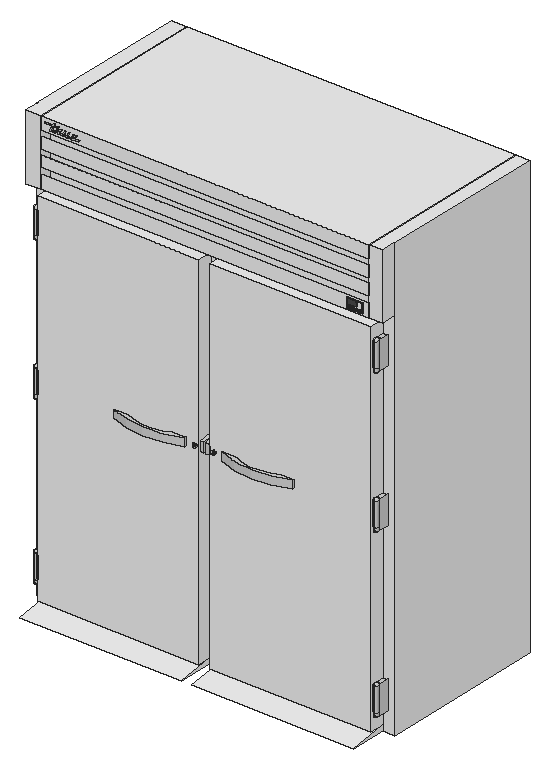
Revit family
Parameters
  Weight in Pounds = 0
  Watts = 4000 W
  Volts = 115 V
  URL Cutsheet = "www.truemfg.com"
  URL = "www.truemfg.com"
  Type Mark [instance] = ""
  Type Comments = ""
  Status [instance] = ""
  Specification by User [instance] = ""
  Specification by Manufacturer = ""
  Show Logo [instance] = yes
  Show Clearance [instance] = yes
  Serial Number = ""
  Seismic Rating = ""
  SMACNA No = ""
  Revision Code [instance] = ""
  Phase = 1
  Omniclass Number and Title = ""
  Number of Poles [instance] = 1
  NAFEM Spec ID Number = ""
  Model = "STG2HRI-2S"
  Min Ckt Ampacity = 0 A
  Max Overcurrent Protection = 0 A
  Masterspec = ""
  Manufacturer = "TRUE FOOD SERVICE EQUIPMENT, INC."
  Length = 68"
  Item Number [instance] = ""
  Installed By [instance] = ""
  Identify Quantity as Lot [instance] = yes
  Height = 83 3/4"
  HP = ""
  Furnished By [instance] = ""
  Foodservice Equipment Identifier [instance] = yes
  FL Amps = Watts / Volts  # 34.7826 A
  Electrical Remarks [instance] = ""
  Electric Connection Type [instance] = ""
  Elec Conn RI Height [instance] = 0"
  Elec Conn Connection Height [instance] = 0"
  Description = "Roll-in Solid Swing Door Heated Cabinet"
  Depth = 34 3/4"
  Cycle = 60 Hz
  Conn Plug = "14-20P"
  Conn Conduit = yes
  CSI MasterFormat = ""
  CSI Master Format = ""
  Apparent Power = if(Phase = 3, Volts * FL Amps * 1.73, Volts * FL Amps)  # 4000 VA
Reference planes (in)
  plane 1 "BACK": y = 0
  plane 2: z = 0
  plane 3 "LEFT": x = 0
  plane 4 "RIGHT": x = 68
  plane 5 "FRONT": y = -34.75
  plane 6 "TOP": z = 83.75
  plane 7: x = 2.84375
  plane 8: y = -34.7042
  plane 9: x = 34
  plane 10: z = 69.90625
Forms (in)
  Extrusion 1, solid, material "QF_Finishes_Chrome - Satin"
    sketch origin (0.05, 0, 0) x (1, 0, 0) y (0, 1, 0)
      loop
        line (-0.05, 0) -> (-0.05, -32) -> (2.87859, -32) -> (2.87859, 0) -> (-0.05, 0)
    from 0 to 83.75
  Extrusion 2, solid, material "QF_Finishes_Chrome - Satin"
    sketch origin (50.15, 0, 0) x (1, 0, 0) y (0, 1, 0)
      loop
        line (15.15, 0) -> (15.15, -32) -> (17.85, -32) -> (17.85, 0) -> (15.15, 0)
    from 0 to 83.75
  Extrusion 3, solid, material "QF_Finishes_Chrome - Satin"
    sketch origin (0, 0, 0) x (0, 1, 0) y (0, 0, 1)
      loop
        line (-34.7042, 71.28125) -> (-32, 71.28125) -> (-32, 0) -> (0, 0) -> (0, 83.75) -> (-34.7042, 83.75) -> (-34.7042, 81.40578) -> (-32.5, 79.83852) -> (-32.5, 78.71625) -> (-34.7042, 80.28351) -> (-34.7042, 78.1498) -> (-32.5, 76.58254) -> (-32.5, 75.62178) -> (-34.7042, 77.18904) -> (-34.7042, 75.09284) -> (-32.5, 73.52557) -> (-32.5, 72.25) -> (-34.7042, 73.81726) -> (-34.7042, 71.28125)
    from 2.92859 to 65.3
  Extrusion 4, solid, material "QF_Finishes_Chrome - Satin"
    sketch origin (0, 0, 0) x (1, 0, 0) y (0, 1, 0)
      loop
        line (67.84782, -32) -> (65.3, -32) -> (65.3, -34.75) -> (67.84782, -34.75) -> (67.84782, -32)
    from 71.28125 to 83.75
  Extrusion 5, solid, material "QF_Finishes_Chrome - Satin"
    sketch origin (-50.125, 0, 0.25) x (1, 0, 0) y (0, 1, 0)
      loop
        line (53.05359, -32) -> (50.24109, -32) -> (50.24109, -34.75) -> (53.05359, -34.75) -> (53.05359, -32)
    from 71.03125 to 83.5
  Extrusion 6, solid, material "QF_Finishes_Chrome - Satin"
    sketch origin (8.03125, -1, -0.71875) x (1, 0, 0) y (0, 0, 1)
      loop
        line (26.96875, 1.71875) -> (57.65625, 1.71875) -> (57.65625, 70.625) -> (26.96875, 70.625) -> (26.96875, 1.71875)
    from 31 to 33.75
  Extrusion 7, solid, material "QF_Finishes_Handrails and Railings"
    sketch origin (91.34375, -0.25, 26.43519) x (1, 0, 0) y (0, 1, 0)
      loop
        line (-53.875, -34.5) -> (-53.875, -34.7)
        arc (-53.875, -34.7) -> (-47.075, -36.14405) -> (-40.275, -34.7) r 16.7325
        line (-40.275, -34.7) -> (-40.275, -34.5) -> (-42.675, -34.5)
        arc (-42.675, -34.5) -> (-47.075, -35.65816) -> (-51.475, -34.5) r 8.93715
        line (-51.475, -34.5) -> (-53.875, -34.5)
    from 10.87731 to 12.37731
  Extrusion 8, solid, material "QF_Finishes_Handrails and Railings"
    sketch origin (9.34375, -1.08467, -2) x (1, 0, 0) y (0, 0, 1)
      loop
        circle (26.4375, 40.0625) r 0.35
      loop
        line (26.47265, 40.33635) -> (26.41715, 40.33635) -> (26.41715, 39.76895) -> (26.47265, 39.76895) -> (26.47265, 40.33635)
    from 33.5 to 33.83066
  Extrusion 9, solid, material "QF_Finishes_Handrails and Railings", visible <- "Show Logo"
    sketch origin (0.33478, 0.06376, 5.00294) x (1, 0, 0) y (0, 0, 1)
      loop
        line (3.46044, 78.08731) -> (3.35478, 77.86073) -> (4.76027, 77.86073)
        arc (4.76027, 77.86073) -> (4.78879, 77.81028) -> (4.76027, 77.75984) r 0.05887
        line (4.76027, 77.75984) -> (4.39369, 76.97372)
        arc (4.39369, 76.97372) -> (4.39051, 76.90091) -> (4.43975, 76.84717) r 0.09523
        line (4.43975, 76.84717) -> (5.33844, 76.84717)
        arc (5.33844, 76.84717) -> (5.45192, 76.88295) -> (5.52436, 76.97735) r 0.19785
        line (5.52436, 76.97735) -> (5.81285, 77.59601) -> (6.0779, 77.59601)
        arc (6.0779, 77.59601) -> (6.14744, 77.57043) -> (6.13737, 77.49703) r 0.05911
        line (6.13737, 77.49703) -> (5.89598, 76.97937)
        arc (5.89598, 76.97937) -> (5.89974, 76.8934) -> (5.97231, 76.84717) r 0.09318
        line (5.97231, 76.84717) -> (6.76198, 76.84717)
        arc (6.76198, 76.84717) -> (6.82249, 76.86919) -> (6.85468, 76.92495) r 0.09412
        arc (6.85468, 76.92495) -> (6.87746, 76.86995) -> (6.93246, 76.84717) r 0.07778
        line (6.93246, 76.84717) -> (7.43246, 76.84717)
        arc (7.43246, 76.84717) -> (7.49022, 76.86265) -> (7.53251, 76.90493) r 0.11552
        arc (7.53251, 76.90493) -> (7.55275, 76.85606) -> (7.60162, 76.83581) r 0.06912
        line (7.60162, 76.83581) -> (8.31225, 76.83581)
        arc (8.31225, 76.83581) -> (8.37034, 76.85988) -> (8.39441, 76.91797) r 0.08216
        arc (8.39441, 76.91797) -> (8.44767, 76.86472) -> (8.52042, 76.84522) r 0.14551
        line (8.52042, 76.84522) -> (9.85158, 76.84522) -> (9.99946, 77.10134) -> (8.65678, 77.10134)
        arc (8.65678, 77.10134) -> (8.61972, 77.12704) -> (8.61834, 77.17211) r 0.05009
        line (8.61834, 77.17211) -> (8.64157, 77.22192)
        arc (8.64157, 77.22192) -> (8.67723, 77.26864) -> (8.73327, 77.28635) r 0.09747
        line (8.73327, 77.28635) -> (9.16485, 77.28635)
        arc (9.16485, 77.28635) -> (9.258, 77.31131) -> (9.32619, 77.3795) r 0.1863
        line (9.32619, 77.3795) -> (9.45119, 77.59601)
        arc (9.45119, 77.59601) -> (9.45119, 77.71157) -> (9.35111, 77.76934) r 0.11556
        line (9.35111, 77.76934) -> (8.89562, 77.76934)
        arc (8.89562, 77.76934) -> (8.7795, 77.74962) -> (8.69849, 77.66412) r 0.18605
        line (8.69849, 77.66412) -> (8.48204, 77.19993)
        arc (8.48204, 77.19993) -> (8.41815, 77.11667) -> (8.31806, 77.08511) r 0.1745
        line (8.31806, 77.08511) -> (7.84559, 77.08511)
        arc (7.84559, 77.08511) -> (7.78903, 77.14684) -> (7.79268, 77.23048) r 0.10939
        line (7.79268, 77.23048) -> (8.04395, 77.76934) -> (7.88403, 77.76934) -> (7.61781, 77.19844)
        arc (7.61781, 77.19844) -> (7.56609, 77.13103) -> (7.48505, 77.10548) r 0.14128
        line (7.48505, 77.10548) -> (7.15925, 77.10548)
        arc (7.15925, 77.10548) -> (7.10419, 77.17723) -> (7.116, 77.26689) r 0.11816
        line (7.116, 77.26689) -> (7.3503, 77.76934) -> (7.18514, 77.76934) -> (6.91546, 77.191)
        arc (6.91546, 77.191) -> (6.85285, 77.12839) -> (6.76733, 77.10548) r 0.17104
        line (6.76733, 77.10548) -> (6.29555, 77.10548)
        arc (6.29555, 77.10548) -> (6.21082, 77.14499) -> (6.20267, 77.23813) r 0.0935
        line (6.20267, 77.23813) -> (6.35774, 77.57069) -> (6.57695, 77.57069)
        arc (6.57695, 77.57069) -> (6.61395, 77.68217) -> (6.69267, 77.76934) r 0.2857
        line (6.69267, 77.76934) -> (5.83605, 77.76934)
        arc (5.83605, 77.76934) -> (5.74086, 77.74824) -> (5.67498, 77.67635) r 0.16212
        line (5.67498, 77.67635) -> (5.44279, 77.17841)
        arc (5.44279, 77.17841) -> (5.3894, 77.12502) -> (5.31647, 77.10548) r 0.14586
        line (5.31647, 77.10548) -> (4.80506, 77.10548)
        arc (4.80506, 77.10548) -> (4.76514, 77.15942) -> (4.77274, 77.22609) r 0.09155
        line (4.77274, 77.22609) -> (5.11018, 77.86073) -> (5.96155, 77.86073) -> (6.06721, 78.08731) -> (5.21584, 78.08731) -> (5.32149, 78.31388) -> (5.01862, 78.31388) -> (4.91297, 78.08731) -> (3.46044, 78.08731)
      loop
        arc (8.83805, 77.56363) -> (8.80119, 77.55375) -> (8.7742, 77.52676) r 0.07373
        line (8.7742, 77.52676) -> (8.75229, 77.45936)
        arc (8.75229, 77.45936) -> (8.76245, 77.43483) -> (8.78699, 77.42466) r 0.0347
        line (8.78699, 77.42466) -> (9.15948, 77.42466)
        arc (9.15948, 77.42466) -> (9.18632, 77.43061) -> (9.20812, 77.44734) r 0.0635
        line (9.20812, 77.44734) -> (9.22624, 77.53122)
        arc (9.22624, 77.53122) -> (9.22091, 77.55368) -> (9.20009, 77.56363) r 0.02676
        line (9.20009, 77.56363) -> (8.83805, 77.56363)
    from 34.76797 to 34.83173
  Extrusion 10, solid, material "QF_Finishes_White"
    sketch origin (-22.74812, 0.0458, -7.95638) x (1, 0, 0) y (0, 0, 1)
      loop
        line (83.81732, 81.35727) -> (83.81732, 79.60996) -> (86.72357, 79.60996) -> (86.72357, 81.35727) -> (83.81732, 81.35727)
    from 34.75 to 34.76797
  Extrusion 11, solid, material "QF_Finishes_Black"
    sketch origin (-22.74812, 0.0458, -7.95638) x (1, 0, 0) y (0, 0, 1)
      loop
        line (86.78607, 81.41977) -> (83.75482, 81.41977) -> (83.75482, 79.54746) -> (86.78607, 79.54746) -> (86.78607, 81.41977)
      loop
        spline (83.95482, 79.87872) -> (83.96333, 79.86254) -> (83.98831, 79.84747) -> (84.02804, 79.83452) -> (84.07982, 79.82459) -> (84.14011, 79.81835) -> (84.20482, 79.81622) -> (84.26952, 79.81835) -> (84.32982, 79.82459) -> (84.38159, 79.83452) -> (84.42132, 79.84747) -> (84.4463, 79.86254) -> (84.45482, 79.87872)
        spline (84.45482, 79.87872) -> (84.4463, 79.89489) -> (84.42132, 79.90997) -> (84.38159, 79.92291) -> (84.32982, 79.93284) -> (84.26952, 79.93909) -> (84.20482, 79.94122) -> (84.14011, 79.93909) -> (84.07982, 79.93284) -> (84.02804, 79.92291) -> (83.98831, 79.90997) -> (83.96333, 79.89489) -> (83.95482, 79.87872)
      loop
        spline (84.65083, 79.87872) -> (84.65935, 79.86254) -> (84.68432, 79.84747) -> (84.72405, 79.83452) -> (84.77583, 79.82459) -> (84.83612, 79.81835) -> (84.90083, 79.81622) -> (84.96553, 79.81835) -> (85.02583, 79.82459) -> (85.07761, 79.83452) -> (85.11734, 79.84747) -> (85.14231, 79.86254) -> (85.15083, 79.87872)
        spline (85.15083, 79.87872) -> (85.14231, 79.89489) -> (85.11734, 79.90997) -> (85.07761, 79.92291) -> (85.02583, 79.93284) -> (84.96553, 79.93909) -> (84.90083, 79.94122) -> (84.83612, 79.93909) -> (84.77583, 79.93284) -> (84.72405, 79.92291) -> (84.68432, 79.90997) -> (84.65935, 79.89489) -> (84.65083, 79.87872)
      loop
        spline (85.40083, 79.87872) -> (85.40935, 79.86254) -> (85.43432, 79.84747) -> (85.47405, 79.83452) -> (85.52583, 79.82459) -> (85.58612, 79.81835) -> (85.65083, 79.81622) -> (85.71553, 79.81835) -> (85.77583, 79.82459) -> (85.82761, 79.83452) -> (85.86734, 79.84747) -> (85.89231, 79.86254) -> (85.90083, 79.87872)
        spline (85.90083, 79.87872) -> (85.89231, 79.89489) -> (85.86734, 79.90997) -> (85.82761, 79.92291) -> (85.77583, 79.93284) -> (85.71553, 79.93909) -> (85.65083, 79.94122) -> (85.58612, 79.93909) -> (85.52583, 79.93284) -> (85.47405, 79.92291) -> (85.43432, 79.90997) -> (85.40935, 79.89489) -> (85.40083, 79.87872)
      loop
        line (83.95481, 81.21978) -> (83.95481, 80.21978) -> (85.65433, 80.21978) -> (85.65433, 81.21978) -> (83.95481, 81.21978)
      loop
        line (86.72357, 81.35727) -> (83.81732, 81.35727) -> (83.81732, 79.60996) -> (86.72357, 79.60996) -> (86.72357, 81.35727)
      loop
        spline (86.15083, 79.87872) -> (86.15935, 79.86254) -> (86.18432, 79.84747) -> (86.22405, 79.83452) -> (86.27583, 79.82459) -> (86.33612, 79.81835) -> (86.40083, 79.81622) -> (86.46553, 79.81835) -> (86.52583, 79.82459) -> (86.57761, 79.83452) -> (86.61734, 79.84747) -> (86.64231, 79.86254) -> (86.65083, 79.87872)
        spline (86.65083, 79.87872) -> (86.64231, 79.89489) -> (86.61734, 79.90997) -> (86.57761, 79.92291) -> (86.52583, 79.93284) -> (86.46553, 79.93909) -> (86.40083, 79.94122) -> (86.33612, 79.93909) -> (86.27583, 79.93284) -> (86.22405, 79.92291) -> (86.18432, 79.90997) -> (86.15935, 79.89489) -> (86.15083, 79.87872)
    from 34.76797 to 34.80335
  Extrusion 12, solid
    sketch origin (-25.125, 0, 0) x (1, 0, 0) y (0, 0, 1)
      loop
        circle (89.875, 81.625) r 0.25
    from 0 to 0.0625
  Blend 13, solid, material "QF_Finishes_Handrails and Railings"
    base sketch origin (60.25, -1, 0) x (-1, 0, 0) y (0, 0, -1)
      loop
        line (25.25, -38.99169) -> (26, -38.99169) -> (26, -37.24169) -> (25.25, -37.24169) -> (25.25, -38.99169)
    top sketch origin (60.25, 0, 0) x (-1, 0, 0) y (0, 0, -1)
      loop
        line (26.18223, -36.6441) -> (25.25, -36.6441) -> (25.25, -39.42643) -> (26.18223, -39.42643) -> (26.18223, -36.6441)
    from 33.57883 to 32
  Extrusion 14, solid, material "QF_Finishes_Handrails and Railings"
    sketch origin (66.78125, 0, 3.5) x (0, 1, 0) y (0, 0, -1)
      loop
        line (-32, -64.17729) -> (-32, -58.86127) -> (-34.25, -58.86127) -> (-34.25, -59.57348) -> (-33.81497, -59.57348) -> (-33.81497, -63.97276)
        arc (-33.81497, -63.97276) -> (-33.75506, -64.11738) -> (-33.61044, -64.17729) r 0.20453
        line (-33.61044, -64.17729) -> (-32, -64.17729)
    from 0.17506 to 1
  Revolve 15, solid, material "QF_Finishes_Handrails and Railings"
    sketch origin (66.28125, 0, 3.5) x (0, 1, 0) y (0, 0, -1)
      loop
        line (-34.26563, -59.62689) -> (-34.67229, -59.62689) -> (-34.67229, -64.0986)
        arc (-34.67229, -64.0986) -> (-34.53722, -64.35057) -> (-34.26563, -64.43983) r 0.3848
        line (-34.26563, -64.43983) -> (-34.26563, -59.62689)
      loop
        line (-34.26563, -59.57348) -> (-34.26563, -58.67281)
        arc (-34.26563, -58.67281) -> (-34.53264, -58.75883) -> (-34.67229, -59.00212) r 0.38884
        line (-34.67229, -59.00212) -> (-34.67229, -59.57348) -> (-34.26563, -59.57348)
      axis (-34.26563, -58.67281) -> (-34.26563, -64.43983)
    angle from 0 to 360
  Extrusion 16, solid, material "QF_Finishes_Handrails and Railings"
    sketch origin (27.5, -1.07734, 3.5011) x (-1, 0, 0) y (0, 0, -1)
      loop
        line (-38.58509, -64.0986) -> (-38.1875, -64.0986) -> (-38.1875, -59.62579) -> (-38.58509, -59.62579) -> (-38.58509, -64.0986)
    from 32.81497 to 33.59495
  Extrusion 17, solid, material "QF_Finishes_Handrails and Railings"
    sketch origin (66.78125, 0, -24) x (0, 1, 0) y (0, 0, -1)
      loop
        line (-32, -64.55229) -> (-32, -59.23627) -> (-34.25, -59.23627) -> (-34.25, -59.94848) -> (-33.81497, -59.94848) -> (-33.81497, -64.34776)
        arc (-33.81497, -64.34776) -> (-33.75506, -64.49238) -> (-33.61044, -64.55229) r 0.20453
        line (-33.61044, -64.55229) -> (-32, -64.55229)
    from 0.17506 to 1
  Revolve 18, solid, material "QF_Finishes_Handrails and Railings"
    sketch origin (66.28125, 0, -24) x (0, 1, 0) y (0, 0, -1)
      loop
        line (-34.26563, -60.00189) -> (-34.67229, -60.00189) -> (-34.67229, -64.4736)
        arc (-34.67229, -64.4736) -> (-34.53722, -64.72557) -> (-34.26563, -64.81483) r 0.3848
        line (-34.26563, -64.81483) -> (-34.26563, -60.00189)
      loop
        line (-34.26563, -59.94848) -> (-34.26563, -59.04781)
        arc (-34.26563, -59.04781) -> (-34.53264, -59.13383) -> (-34.67229, -59.37712) r 0.38884
        line (-34.67229, -59.37712) -> (-34.67229, -59.94848) -> (-34.26563, -59.94848)
      axis (-34.26563, -59.04781) -> (-34.26563, -64.81483)
    angle from 0 to 360
  Extrusion 19, solid, material "QF_Finishes_Handrails and Railings"
    sketch origin (27.5, -1.07734, -23.9989) x (-1, 0, 0) y (0, 0, -1)
      loop
        line (-38.58509, -64.4736) -> (-38.1875, -64.4736) -> (-38.1875, -60.00079) -> (-38.58509, -60.00079) -> (-38.58509, -64.4736)
    from 32.81497 to 33.59495
  Extrusion 20, solid, material "QF_Finishes_Handrails and Railings"
    sketch origin (66.78125, 0, -55.5) x (0, 1, 0) y (0, 0, -1)
      loop
        line (-32, -64.55229) -> (-32, -59.23627) -> (-34.25, -59.23627) -> (-34.25, -59.94848) -> (-33.81497, -59.94848) -> (-33.81497, -64.34776)
        arc (-33.81497, -64.34776) -> (-33.75506, -64.49238) -> (-33.61044, -64.55229) r 0.20453
        line (-33.61044, -64.55229) -> (-32, -64.55229)
    from 0.17506 to 1
  Revolve 21, solid, material "QF_Finishes_Handrails and Railings"
    sketch origin (66.28125, 0, -55.5) x (0, 1, 0) y (0, 0, -1)
      loop
        line (-34.26563, -60.00189) -> (-34.67229, -60.00189) -> (-34.67229, -64.4736)
        arc (-34.67229, -64.4736) -> (-34.53722, -64.72557) -> (-34.26563, -64.81483) r 0.3848
        line (-34.26563, -64.81483) -> (-34.26563, -60.00189)
      loop
        line (-34.26563, -59.94848) -> (-34.26563, -59.04781)
        arc (-34.26563, -59.04781) -> (-34.53264, -59.13383) -> (-34.67229, -59.37712) r 0.38884
        line (-34.67229, -59.37712) -> (-34.67229, -59.94848) -> (-34.26563, -59.94848)
      axis (-34.26563, -59.04781) -> (-34.26563, -64.81483)
    angle from 0 to 360
  Extrusion 22, solid, material "QF_Finishes_Handrails and Railings"
    sketch origin (27.5, -1.07734, -55.4989) x (-1, 0, 0) y (0, 0, -1)
      loop
        line (-38.58509, -64.4736) -> (-38.1875, -64.4736) -> (-38.1875, -60.00079) -> (-38.58509, -60.00079) -> (-38.58509, -64.4736)
    from 32.81497 to 33.59495
  Extrusion 23, solid, material "QF_Finishes_Chrome - Satin"
    sketch origin (65.6875, -1, 8.03125) x (0, 0, 1) y (0, -1, 0)
      loop
        line (-8.03125, 37.875) -> (-8.03125, 31) -> (-7.03125, 31) -> (-8.03125, 37.875)
    from 0 to -30.6875
  Extrusion 24, solid, material "QF_Finishes_Chrome - Satin"
    sketch origin (59.96875, -1, -0.71875) x (-1, 0, 0) y (0, 0, -1)
      loop
        line (26.96875, -1.71875) -> (26.96875, -70.625) -> (57.65625, -70.625) -> (57.65625, -1.71875) -> (26.96875, -1.71875)
    from 31 to 33.75
  Extrusion 25, solid, material "QF_Finishes_Handrails and Railings"
    sketch origin (-23.34375, -0.25, 26.43519) x (1, 0, 0) y (0, 1, 0)
      loop
        line (53.875, -34.5) -> (51.475, -34.5)
        arc (51.475, -34.5) -> (47.075, -35.65816) -> (42.675, -34.5) r 8.93715
        line (42.675, -34.5) -> (40.275, -34.5) -> (40.275, -34.7)
        arc (40.275, -34.7) -> (47.075, -36.14405) -> (53.875, -34.7) r 16.7325
        line (53.875, -34.7) -> (53.875, -34.5)
    from 10.87731 to 12.37731
  Extrusion 26, solid, material "QF_Finishes_Handrails and Railings"
    sketch origin (58.65625, -1.08467, -2) x (-1, 0, 0) y (0, 0, -1)
      loop
        circle (26.4375, -40.0625) r 0.35
      loop
        line (26.47265, -40.33635) -> (26.47265, -39.76895) -> (26.41715, -39.76895) -> (26.41715, -40.33635) -> (26.47265, -40.33635)
    from 33.5 to 33.83066
  Blend 27, solid, material "QF_Finishes_Handrails and Railings"
    base sketch origin (7.75, -1, 0) x (1, 0, 0) y (0, 0, 1)
      loop
        line (25.25, 38.99169) -> (25.25, 37.24169) -> (26, 37.24169) -> (26, 38.99169) -> (25.25, 38.99169)
    top sketch origin (7.75, 0, 0) x (1, 0, 0) y (0, 0, 1)
      loop
        line (26.18223, 36.6441) -> (26.18223, 39.42643) -> (25.25, 39.42643) -> (25.25, 36.6441) -> (26.18223, 36.6441)
    from 33.57883 to 32
  Extrusion 28, solid, material "QF_Finishes_Handrails and Railings"
    sketch origin (1.21875, 0, 3.5) x (0, 1, 0) y (0, 0, 1)
      loop
        line (-32, 64.17729) -> (-33.61044, 64.17729)
        arc (-33.61044, 64.17729) -> (-33.75506, 64.11738) -> (-33.81497, 63.97276) r 0.20453
        line (-33.81497, 63.97276) -> (-33.81497, 59.57348) -> (-34.25, 59.57348) -> (-34.25, 58.86127) -> (-32, 58.86127) -> (-32, 64.17729)
    from 0.17506 to 1
  Revolve 29, solid, material "QF_Finishes_Handrails and Railings"
    sketch origin (1.71875, 0, 3.5) x (0, 1, 0) y (0, 0, 1)
      loop
        line (-34.26563, 59.62689) -> (-34.26563, 64.43983)
        arc (-34.26563, 64.43983) -> (-34.53722, 64.35057) -> (-34.67229, 64.0986) r 0.3848
        line (-34.67229, 64.0986) -> (-34.67229, 59.62689) -> (-34.26563, 59.62689)
      loop
        line (-34.26563, 59.57348) -> (-34.67229, 59.57348) -> (-34.67229, 59.00212)
        arc (-34.67229, 59.00212) -> (-34.53264, 58.75883) -> (-34.26563, 58.67281) r 0.38884
        line (-34.26563, 58.67281) -> (-34.26563, 59.57348)
      axis (-34.26563, 58.67281) -> (-34.26563, 64.43983)
    angle from 0 to 360
  Extrusion 30, solid, material "QF_Finishes_Handrails and Railings"
    sketch origin (40.5, -1.07734, 3.5011) x (1, 0, 0) y (0, 0, 1)
      loop
        line (-38.58509, 64.0986) -> (-38.58509, 59.62579) -> (-38.1875, 59.62579) -> (-38.1875, 64.0986) -> (-38.58509, 64.0986)
    from 32.81497 to 33.59495
  Extrusion 31, solid, material "QF_Finishes_Handrails and Railings"
    sketch origin (1.21875, 0, -24) x (0, 1, 0) y (0, 0, 1)
      loop
        line (-32, 64.55229) -> (-33.61044, 64.55229)
        arc (-33.61044, 64.55229) -> (-33.75506, 64.49238) -> (-33.81497, 64.34776) r 0.20453
        line (-33.81497, 64.34776) -> (-33.81497, 59.94848) -> (-34.25, 59.94848) -> (-34.25, 59.23627) -> (-32, 59.23627) -> (-32, 64.55229)
    from 0.17506 to 1
  Revolve 32, solid, material "QF_Finishes_Handrails and Railings"
    sketch origin (1.71875, 0, -24) x (0, 1, 0) y (0, 0, 1)
      loop
        line (-34.26563, 60.00189) -> (-34.26563, 64.81483)
        arc (-34.26563, 64.81483) -> (-34.53722, 64.72557) -> (-34.67229, 64.4736) r 0.3848
        line (-34.67229, 64.4736) -> (-34.67229, 60.00189) -> (-34.26563, 60.00189)
      loop
        line (-34.26563, 59.94848) -> (-34.67229, 59.94848) -> (-34.67229, 59.37712)
        arc (-34.67229, 59.37712) -> (-34.53264, 59.13383) -> (-34.26563, 59.04781) r 0.38884
        line (-34.26563, 59.04781) -> (-34.26563, 59.94848)
      axis (-34.26563, 59.04781) -> (-34.26563, 64.81483)
    angle from 0 to 360
  Extrusion 33, solid, material "QF_Finishes_Handrails and Railings"
    sketch origin (40.5, -1.07734, -23.9989) x (1, 0, 0) y (0, 0, 1)
      loop
        line (-38.58509, 64.4736) -> (-38.58509, 60.00079) -> (-38.1875, 60.00079) -> (-38.1875, 64.4736) -> (-38.58509, 64.4736)
    from 32.81497 to 33.59495
  Extrusion 34, solid, material "QF_Finishes_Handrails and Railings"
    sketch origin (1.21875, 0, -55.5) x (0, 1, 0) y (0, 0, 1)
      loop
        line (-32, 64.55229) -> (-33.61044, 64.55229)
        arc (-33.61044, 64.55229) -> (-33.75506, 64.49238) -> (-33.81497, 64.34776) r 0.20453
        line (-33.81497, 64.34776) -> (-33.81497, 59.94848) -> (-34.25, 59.94848) -> (-34.25, 59.23627) -> (-32, 59.23627) -> (-32, 64.55229)
    from 0.17506 to 1
  Revolve 35, solid, material "QF_Finishes_Handrails and Railings"
    sketch origin (1.71875, 0, -55.5) x (0, 1, 0) y (0, 0, 1)
      loop
        line (-34.26563, 60.00189) -> (-34.26563, 64.81483)
        arc (-34.26563, 64.81483) -> (-34.53722, 64.72557) -> (-34.67229, 64.4736) r 0.3848
        line (-34.67229, 64.4736) -> (-34.67229, 60.00189) -> (-34.26563, 60.00189)
      loop
        line (-34.26563, 59.94848) -> (-34.67229, 59.94848) -> (-34.67229, 59.37712)
        arc (-34.67229, 59.37712) -> (-34.53264, 59.13383) -> (-34.26563, 59.04781) r 0.38884
        line (-34.26563, 59.04781) -> (-34.26563, 59.94848)
      axis (-34.26563, 59.04781) -> (-34.26563, 64.81483)
    angle from 0 to 360
  Extrusion 36, solid, material "QF_Finishes_Handrails and Railings"
    sketch origin (40.5, -1.07734, -55.4989) x (1, 0, 0) y (0, 0, 1)
      loop
        line (-38.58509, 64.4736) -> (-38.58509, 60.00079) -> (-38.1875, 60.00079) -> (-38.1875, 64.4736) -> (-38.58509, 64.4736)
    from 32.81497 to 33.59495
  Extrusion 37, solid, material "QF_Finishes_Chrome - Satin"
    sketch origin (2.3125, -1, 8.03125) x (0, 0, 1) y (0, 1, 0)
      loop
        line (-8.03125, -37.875) -> (-7.03125, -31) -> (-8.03125, -31) -> (-8.03125, -37.875)
    from 0 to -30.6875
  Extrusion 38, solid, material "QF_Finishes_Door Clearance", visible <- "Show Clearance", detail levels coarse
    sketch origin (32.71875, -1, 1) x (0, 1, 0) y (1, 0, 0)
      loop
        line (-33.75, -30.40625) -> (-33.75, 0.28125)
        arc (-33.75, 0.28125) -> (-55.44934, -8.70691) -> (-64.4375, -30.40625) r 30.6875
        line (-64.4375, -30.40625) -> (-33.75, -30.40625)
      loop
        line (-33.75, 32.96875) -> (-64.4375, 32.96875)
        arc (-64.4375, 32.96875) -> (-55.44934, 11.26941) -> (-33.75, 2.28125) r 30.6875
        line (-33.75, 2.28125) -> (-33.75, 32.96875)
    from 0 to -68.90625
Cuts and joins
  joined: Extrusion 1, Extrusion 2, Extrusion 4, Extrusion 5
Lines and regions (in)
  symbolic lines
    curve 1: line (0, 0, 0) -> (68, 0, 0)
    curve 2: line (0, -34.75, 0) -> (0, 0, 0)
    curve 3: line (68, -34.75, 0) -> (0, -34.75, 0)
    curve 4: line (68, 0, 0) -> (68, -34.75, 0)
    curve 5: line (68, -32.5, 0) -> (0, -32.5, 0)
    curve 6: arc (28.13125, -34.75, 0) -> (23.73125, -35.90816, 0) -> (19.33125, -34.75, 0) r 8.93715
    curve 7: arc (16.93125, -34.95, 0) -> (23.73125, -36.39405, 0) -> (30.53125, -34.95, 0) r 16.7325
    curve 8: line (16.93125, -34.75, 0) -> (16.93125, -34.95, 0)
    curve 9: line (30.53125, -34.95, 0) -> (30.53125, -34.75, 0)
    curve 10: arc (48.66875, -34.75, 0) -> (44.26875, -35.90816, 0) -> (39.86875, -34.75, 0) r 8.93715
    curve 11: arc (37.46875, -34.95, 0) -> (44.26875, -36.39405, 0) -> (51.06875, -34.95, 0) r 16.7325
    curve 12: line (37.46875, -34.75, 0) -> (37.46875, -34.95, 0)
    curve 13: line (51.06875, -34.95, 0) -> (51.06875, -34.75, 0)
  symbolic lines, style "QF_Door Swings", visible <- "Show Clearance", detail levels coarse
    curve 14: line (2.3125, -34.75, 0) -> (2.3125, -65.4375, 0)
    curve 15: arc (33, -34.75, 0) -> (24.01184, -56.44934, 0) -> (2.3125, -65.4375, 0) r 30.6875
    curve 16: arc (65.6875, -65.4375, 0) -> (43.98816, -56.44934, 0) -> (35, -34.75, 0) r 30.6875
    curve 17: line (65.6875, -65.4375, 0) -> (65.6875, -34.75, 0)
Dimensions and locks (in)
  "Depth": plane 5 "FRONT" to plane 1 "BACK"
  plane 6 "TOP" to level = 83 3/4"  (x2)
  Extrusion 6 sketch curve to Extrusion 6 sketch curve = 30 11/16"
  Extrusion 6 to plane 1 "BACK" = 34 3/4"
  "Length": plane 3 "LEFT" to plane 4 "RIGHT"
  plane 4 "RIGHT" to plane 3 "LEFT" = 68"
  equal spacing: plane 3 "LEFT", plane 9, plane 4 "RIGHT"
  Extrusion 24 sketch curve to Extrusion 24 sketch curve = 30 11/16"
  plane 10 to level = 69 29/32"
  aligned and locked: level to plane 2
Automatic sketch dimensions
  plane 1 "BACK" to curve 1 = 0"
  curve 1 to plane 3 "LEFT" = 0"
  plane 5 "FRONT" to curve 8 = 0"
  curve 4 to plane 4 "RIGHT" = 0"
  plane 5 "FRONT" to curve 7 = 0.2"
  plane 7 to curve 7 = 14.0875"
  curve 8 to curve 6 = 2.4"
  curve 6 to curve 6 = 4.4"
  curve 7 to curve 6 = 0"
  plane 5 "FRONT" to curve 9 = 0.2"
  plane 5 "FRONT" to curve 12 = 0.2"
  curve 12 to plane 9 = 3 15/32"
  curve 12 to curve 10 = 2.4"
  curve 10 to curve 10 = 4.4"
  curve 11 to curve 10 = 0"
  plane 5 "FRONT" to curve 11 = 0.2"
  curve 5 to plane 5 "FRONT" = 2 1/4"
  curve 10 to plane 5 "FRONT" = 7.77899"
  curve 6 to plane 5 "FRONT" = 7.77899"
  curve 10 to curve 11 = 7.30945"
  curve 6 to curve 7 = 7.30945"
  Extrusion 1 sketch curve to plane 3 "LEFT" = 0"
  plane 1 "BACK" to Extrusion 1 sketch curve = 0"
  plane 7 to Extrusion 1 sketch curve = 0.08484"
  Extrusion 1 sketch curve to plane 5 "FRONT" = 2 3/4"
  plane 1 "BACK" to Extrusion 2 sketch curve = 0"
  Extrusion 2 sketch curve to plane 4 "RIGHT" = 0"
  Extrusion 2 sketch curve to plane 4 "RIGHT" = 2.7"
  Extrusion 2 sketch curve to plane 5 "FRONT" = 2 3/4"
  Extrusion 3 sketch curve to plane 8 = 0"  (x4)
  Extrusion 3 sketch curve to level = 0"
  Extrusion 3 sketch curve to plane 6 "TOP" = 0"
  plane 8 to Extrusion 3 sketch curve = 2.2042"  (x2)
  Extrusion 3 sketch curve to Extrusion 3 sketch curve = 0"
  Extrusion 3 sketch curve to Extrusion 3 sketch curve = 1/2"
  plane 1 "BACK" to Extrusion 3 sketch curve = 0"
  Extrusion 3 sketch curve to plane 6 "TOP" = 12 15/32"
  Extrusion 3 sketch curve to Extrusion 3 sketch curve = 31/32"
  Extrusion 3 sketch curve to Extrusion 3 sketch curve = 1.27557"  (x2)
  Extrusion 3 sketch curve to Extrusion 3 sketch curve = 0.29169"
  Extrusion 3 sketch curve to Extrusion 3 sketch curve = 2.0962"  (x2)
  Extrusion 3 sketch curve to Extrusion 3 sketch curve = 0.96076"  (x2)
  Extrusion 3 sketch curve to Extrusion 3 sketch curve = 2.13371"  (x2)
  Extrusion 3 sketch curve to Extrusion 3 sketch curve = 1.12227"  (x2)
  plane 5 "FRONT" to Extrusion 4 sketch curve = 0"
  Extrusion 4 sketch curve to plane 4 "RIGHT" = 2.7"
  Extrusion 4 sketch curve to plane 4 "RIGHT" = 0.15218"
  Extrusion 4 sketch curve to plane 5 "FRONT" = 2 3/4"
  plane 5 "FRONT" to Extrusion 5 sketch curve = 0"
  plane 3 "LEFT" to Extrusion 5 sketch curve = 0.11609"
  plane 7 to Extrusion 5 sketch curve = 0.08484"
  Extrusion 5 sketch curve to plane 5 "FRONT" = 2 3/4"
  Extrusion 6 sketch curve to plane 9 = 1"
  level to Extrusion 6 sketch curve = 1"
  Extrusion 6 sketch curve to plane 6 "TOP" = 13 27/32"
  plane 5 "FRONT" to Extrusion 7 sketch curve = 0"  (x2)
  Extrusion 7 sketch curve to plane 9 = 3 15/32"
  Extrusion 7 sketch curve to Extrusion 7 sketch curve = 2.4"  (x2)
  Extrusion 7 sketch curve to Extrusion 7 sketch curve = 4.4"
  Extrusion 7 sketch curve to Extrusion 7 sketch curve = 0"
  Extrusion 7 sketch curve to Extrusion 7 sketch curve = 0.2"
  Extrusion 7 sketch curve to plane 5 "FRONT" = 7.77899"
  Extrusion 7 sketch curve to Extrusion 7 sketch curve = 7.30945"
  Extrusion 8 sketch curve to plane 9 = 1.7609"
  Extrusion 8 sketch curve to Extrusion 8 sketch curve = 0.02035"
  Extrusion 8 sketch curve to Extrusion 8 sketch curve = 0.0555"
  level to Extrusion 8 sketch curve = 37.76895"
  Extrusion 8 sketch curve to Extrusion 8 sketch curve = 0.29355"
  Extrusion 8 sketch curve to Extrusion 8 sketch curve = 0.27385"
  plane 7 to Extrusion 9 sketch curve = 0.84582"
  Extrusion 9 sketch curve to Extrusion 9 sketch curve = 0.10565"  (x5)
  Extrusion 9 sketch curve to Extrusion 9 sketch curve = 1.03891"
  Extrusion 9 sketch curve to Extrusion 9 sketch curve = 0.04606"
  Extrusion 9 sketch curve to Extrusion 9 sketch curve = 0.08631"
  Extrusion 9 sketch curve to Extrusion 9 sketch curve = 0.33624"
  Extrusion 9 sketch curve to Extrusion 9 sketch curve = 0.03034"  (x2)
  Extrusion 9 sketch curve to Extrusion 9 sketch curve = 0.29274"
  Extrusion 9 sketch curve to Extrusion 9 sketch curve = 0.03232"
  Extrusion 9 sketch curve to Extrusion 9 sketch curve = 0.04851"
  Extrusion 9 sketch curve to plane 6 "TOP" = 0.65975"
  Extrusion 9 sketch curve to Extrusion 9 sketch curve = 0.1527"
  Extrusion 9 sketch curve to plane 6 "TOP" = 0.43317"
  Extrusion 9 sketch curve to Extrusion 9 sketch curve = 0.19721"
  Extrusion 9 sketch curve to Extrusion 9 sketch curve = 0.4629"
  Extrusion 9 sketch curve to Extrusion 9 sketch curve = 0.02197"
  Extrusion 9 sketch curve to Extrusion 9 sketch curve = 0.12632"
  Extrusion 9 sketch curve to Extrusion 9 sketch curve = 0.18591"
  Extrusion 9 sketch curve to plane 6 "TOP" = 1.0707"
  Extrusion 9 sketch curve to Extrusion 9 sketch curve = 0.2322"
  Extrusion 9 sketch curve to Extrusion 9 sketch curve = 0.13786"
  Extrusion 9 sketch curve to Extrusion 9 sketch curve = 0.00907"
  Extrusion 9 sketch curve to Extrusion 9 sketch curve = 0.01413"
  Extrusion 9 sketch curve to Extrusion 9 sketch curve = 0.37162"
  Extrusion 9 sketch curve to plane 6 "TOP" = 0.88633"
  Extrusion 9 sketch curve to Extrusion 9 sketch curve = 0.12551"
  Extrusion 9 sketch curve to Extrusion 9 sketch curve = 0.07633"
  Extrusion 9 sketch curve to Extrusion 9 sketch curve = 0.08445"
  Extrusion 9 sketch curve to Extrusion 9 sketch curve = 0.25598"
  Extrusion 9 sketch curve to Extrusion 9 sketch curve = 0.01887"
  Extrusion 9 sketch curve to Extrusion 9 sketch curve = 0.04061"
  Extrusion 9 sketch curve to plane 6 "TOP" = 1.50892"
  Extrusion 9 sketch curve to Extrusion 9 sketch curve = 0.0653"
  Extrusion 9 sketch curve to Extrusion 9 sketch curve = 0.08474"
  Extrusion 9 sketch curve to Extrusion 9 sketch curve = 0.00815"
  Extrusion 9 sketch curve to Extrusion 9 sketch curve = 0.22037"
  Extrusion 9 sketch curve to Extrusion 9 sketch curve = 0.21921"
  Extrusion 9 sketch curve to Extrusion 9 sketch curve = 0.11572"
  Extrusion 9 sketch curve to Extrusion 9 sketch curve = 0.46643"
  Extrusion 9 sketch curve to Extrusion 9 sketch curve = 0.00535"
  Extrusion 9 sketch curve to Extrusion 9 sketch curve = 0.09269"
  Extrusion 9 sketch curve to Extrusion 9 sketch curve = 0.09348"
  Extrusion 9 sketch curve to Extrusion 9 sketch curve = 0.14812"
  Extrusion 9 sketch curve to Extrusion 9 sketch curve = 0.07778"
  Extrusion 9 sketch curve to Extrusion 9 sketch curve = 0.20054"
  Extrusion 9 sketch curve to Extrusion 9 sketch curve = 0.04325"
  Extrusion 9 sketch curve to plane 6 "TOP" = 0.97771"  (x2)
  Extrusion 9 sketch curve to Extrusion 9 sketch curve = 0.32433"
  Extrusion 9 sketch curve to Extrusion 9 sketch curve = 0.10233"  (x2)
  Extrusion 9 sketch curve to Extrusion 9 sketch curve = 0.16515"
  Extrusion 9 sketch curve to Extrusion 9 sketch curve = 0.27321"
  Extrusion 9 sketch curve to Extrusion 9 sketch curve = 0.0526"
  Extrusion 9 sketch curve to Extrusion 9 sketch curve = 0.10005"
  Extrusion 9 sketch curve to Extrusion 9 sketch curve = 0.06912"
  Extrusion 9 sketch curve to Extrusion 9 sketch curve = 0.13276"
  Extrusion 9 sketch curve to plane 6 "TOP" = 1.51658"
  Extrusion 9 sketch curve to Extrusion 9 sketch curve = 0.17486"
  Extrusion 9 sketch curve to Extrusion 9 sketch curve = 0.05291"
  Extrusion 9 sketch curve to Extrusion 9 sketch curve = 0.53374"
  Extrusion 9 sketch curve to Extrusion 9 sketch curve = 0.09914"
  Extrusion 9 sketch curve to Extrusion 9 sketch curve = 0.15992"
  Extrusion 9 sketch curve to Extrusion 9 sketch curve = 0.46666"
  Extrusion 9 sketch curve to Extrusion 9 sketch curve = 0.00582"
  Extrusion 9 sketch curve to Extrusion 9 sketch curve = 0.08216"
  Extrusion 9 sketch curve to Extrusion 9 sketch curve = 0.16397"
  Extrusion 9 sketch curve to Extrusion 9 sketch curve = 0.12601"
  Extrusion 9 sketch curve to plane 6 "TOP" = 1.57494"
  Extrusion 9 sketch curve to Extrusion 9 sketch curve = 0.1363"
  Extrusion 9 sketch curve to plane 6 "TOP" = 1.52514"
  Extrusion 9 sketch curve to Extrusion 9 sketch curve = 0.02323"
  Extrusion 9 sketch curve to Extrusion 9 sketch curve = 0.03844"
  Extrusion 9 sketch curve to Extrusion 9 sketch curve = 0.0454"
  Extrusion 9 sketch curve to Extrusion 9 sketch curve = 0.05693"
  Extrusion 9 sketch curve to Extrusion 9 sketch curve = 0.0917"
  Extrusion 9 sketch curve to Extrusion 9 sketch curve = 0.01902"
  Extrusion 9 sketch curve to Extrusion 9 sketch curve = 0.02191"
  Extrusion 9 sketch curve to Extrusion 9 sketch curve = 0.0347"
  Extrusion 9 sketch curve to Extrusion 9 sketch curve = 0.06385"
  Extrusion 9 sketch curve to Extrusion 9 sketch curve = 0.02906"
  Extrusion 9 sketch curve to Extrusion 9 sketch curve = 0.02851"
  Extrusion 9 sketch curve to Extrusion 9 sketch curve = 0.29237"
  Extrusion 9 sketch curve to Extrusion 9 sketch curve = 0.00537"
  Extrusion 9 sketch curve to Extrusion 9 sketch curve = 0.0406"
  Extrusion 9 sketch curve to plane 6 "TOP" = 1.29971"
  Extrusion 9 sketch curve to Extrusion 9 sketch curve = 0.04327"
  Extrusion 9 sketch curve to Extrusion 9 sketch curve = 0.02615"
  Extrusion 9 sketch curve to plane 6 "TOP" = 1.36755"
  Extrusion 9 sketch curve to Extrusion 9 sketch curve = 0.11806"
  Extrusion 9 sketch curve to Extrusion 9 sketch curve = 0.15103"
  Extrusion 9 sketch curve to Extrusion 9 sketch curve = 0.10007"
  Extrusion 9 sketch curve to Extrusion 9 sketch curve = 0.5254"
  Extrusion 9 sketch curve to plane 6 "TOP" = 1.64572"
  Extrusion 9 sketch curve to Extrusion 9 sketch curve = 0.14787"
  Extrusion 9 sketch curve to Extrusion 9 sketch curve = 0.14537"
  Extrusion 9 sketch curve to Extrusion 9 sketch curve = 0.63134"
  Extrusion 9 sketch curve to Extrusion 9 sketch curve = 0.11061"
  Extrusion 9 sketch curve to Extrusion 9 sketch curve = 0.25876"
  Extrusion 9 sketch curve to Extrusion 9 sketch curve = 0.06767"
  Extrusion 9 sketch curve to Extrusion 9 sketch curve = 0.12655"
  Extrusion 9 sketch curve to Extrusion 9 sketch curve = 0.12242"
  Extrusion 9 sketch curve to Extrusion 9 sketch curve = 0.29684"
  Extrusion 9 sketch curve to Extrusion 9 sketch curve = 0.03938"
  Extrusion 9 sketch curve to Extrusion 9 sketch curve = 0.06046"
  Extrusion 9 sketch curve to Extrusion 9 sketch curve = 0.13266"
  Extrusion 9 sketch curve to Extrusion 9 sketch curve = 0.14279"
  Extrusion 9 sketch curve to Extrusion 9 sketch curve = 0.07293"
  Extrusion 9 sketch curve to Extrusion 9 sketch curve = 0.07764"
  Extrusion 9 sketch curve to Extrusion 9 sketch curve = 0.03794"
  Extrusion 9 sketch curve to Extrusion 9 sketch curve = 0.08552"
  Extrusion 9 sketch curve to Extrusion 9 sketch curve = 0.09296"
  Extrusion 9 sketch curve to Extrusion 9 sketch curve = 0.02781"
  Extrusion 9 sketch curve to Extrusion 9 sketch curve = 0.04799"
  Extrusion 9 sketch curve to Extrusion 9 sketch curve = 0.03054"
  Extrusion 9 sketch curve to Extrusion 9 sketch curve = 0.2589"
  Extrusion 9 sketch curve to Extrusion 9 sketch curve = 0.0674"
  Extrusion 9 sketch curve to Extrusion 9 sketch curve = 0.0324"
  Extrusion 9 sketch curve to Extrusion 9 sketch curve = 0.26185"
  Extrusion 9 sketch curve to Extrusion 9 sketch curve = 11/256"
  Extrusion 9 sketch curve to Extrusion 9 sketch curve = 0.07366"
  Extrusion 9 sketch curve to Extrusion 9 sketch curve = 0.02187"
  Extrusion 9 sketch curve to Extrusion 9 sketch curve = 0.06479"
  Extrusion 9 sketch curve to Extrusion 9 sketch curve = 0.05778"
  Extrusion 9 sketch curve to Extrusion 9 sketch curve = 0.32747"
  Extrusion 9 sketch curve to Extrusion 9 sketch curve = 0.05045"
  Extrusion 9 sketch curve to Extrusion 9 sketch curve = 29/128"
  Extrusion 10 sketch curve to plane 4 "RIGHT" = 6.9308"
  Extrusion 10 sketch curve to Extrusion 10 sketch curve = 2 29/32"
  Extrusion 10 sketch curve to plane 6 "TOP" = 12.09642"
  Extrusion 10 sketch curve to Extrusion 10 sketch curve = 1.74732"
  Extrusion 11 sketch curve to plane 4 "RIGHT" = 6.9933"
  Extrusion 11 sketch curve to Extrusion 11 sketch curve = 1/16"  (x4)
  Extrusion 11 sketch curve to Extrusion 11 sketch curve = 0.1375"  (x3)
  Extrusion 11 sketch curve to Extrusion 11 sketch curve = 1/4"  (x4)
  Extrusion 11 sketch curve to Extrusion 11 sketch curve = 0.44601"
  Extrusion 11 sketch curve to Extrusion 11 sketch curve = 1/2"  (x2)
  Extrusion 11 sketch curve to Extrusion 11 sketch curve = 0.0035"
  Extrusion 11 sketch curve to Extrusion 11 sketch curve = 1.06923"
  Extrusion 11 sketch curve to plane 6 "TOP" = 12.15892"
  Extrusion 11 sketch curve to Extrusion 11 sketch curve = 0.26876"  (x2)
  Extrusion 11 sketch curve to Extrusion 11 sketch curve = 0"  (x2)
  Extrusion 11 sketch curve to Extrusion 11 sketch curve = 0.34106"
  Extrusion 11 sketch curve to Extrusion 11 sketch curve = 1"
  Extrusion 12 sketch curve to plane 4 "RIGHT" = 3 1/4"
  Extrusion 12 sketch curve to plane 6 "TOP" = 2 1/8"
  Blend 13 sketch curve to plane 9 = 1"
  Blend 13 sketch curve to plane 9 = 1/4"
  level to Blend 13 sketch curve = 38.99169"
  Blend 13 sketch curve to Blend 13 sketch curve = 1 3/4"
  plane 9 to Blend 13 sketch curve = 1"
  plane 9 to Blend 13 sketch curve = 0.06777"
  Blend 13 sketch curve to level = 36.6441"
  Blend 13 sketch curve to Blend 13 sketch curve = 2.78233"
  Extrusion 14 sketch curve to plane 5 "FRONT" = 1/2"
  Extrusion 14 sketch curve to Extrusion 14 sketch curve = 0.43503"
  Extrusion 14 sketch curve to Extrusion 14 sketch curve = 0.20453"
  Extrusion 14 sketch curve to Extrusion 14 sketch curve = 1.61044"
  Extrusion 14 sketch curve to plane 6 "TOP" = 16.07271"
  Extrusion 14 sketch curve to Extrusion 14 sketch curve = 4.39928"
  Extrusion 14 sketch curve to Extrusion 14 sketch curve = 0.71221"
  Revolve 15 sketch curve to plane 5 "FRONT" = 0.07771"  (x2)
  Revolve 15 sketch curve to Revolve 15 sketch curve = 0.38242"
  Revolve 15 sketch curve to Revolve 15 sketch curve = 0.38436"
  Revolve 15 sketch curve to plane 5 "FRONT" = 31/64"
  Revolve 15 sketch curve to Revolve 15 sketch curve = 0.40666"
  Revolve 15 sketch curve to Revolve 15 sketch curve = 0"
  Revolve 15 sketch curve to plane 6 "TOP" = 15.25492"
  Revolve 15 sketch curve to Revolve 15 sketch curve = 0.55526"
  Revolve 15 sketch curve to Revolve 15 sketch curve = 0.19474"
  Revolve 15 sketch curve to Revolve 15 sketch curve = 0.14649"
  Revolve 15 sketch curve to Revolve 15 sketch curve = 4.42889"
  Revolve 15 sketch curve to Revolve 15 sketch curve = 0.05342"
  Revolve 15 sketch curve to Revolve 15 sketch curve = 0.51246"
  Revolve 15 sketch curve to Revolve 15 sketch curve = 0.05889"
  Extrusion 16 sketch curve to plane 4 "RIGHT" = 1.91491"
  Extrusion 16 sketch curve to Extrusion 16 sketch curve = 0.39759"
  Extrusion 16 sketch curve to plane 6 "TOP" = 16.1503"
  Extrusion 16 sketch curve to Extrusion 16 sketch curve = 4.47281"
  Extrusion 17 sketch curve to plane 5 "FRONT" = 1/2"
  Extrusion 17 sketch curve to Extrusion 17 sketch curve = 0.43503"
  Extrusion 17 sketch curve to Extrusion 17 sketch curve = 0.20453"
  Extrusion 17 sketch curve to Extrusion 17 sketch curve = 1.61044"
  level to Extrusion 17 sketch curve = 40.55229"
  Extrusion 17 sketch curve to Extrusion 17 sketch curve = 4.39928"
  Extrusion 17 sketch curve to Extrusion 17 sketch curve = 0.71221"
  Revolve 18 sketch curve to plane 5 "FRONT" = 0.07771"  (x2)
  Revolve 18 sketch curve to Revolve 18 sketch curve = 0.38242"
  Revolve 18 sketch curve to Revolve 18 sketch curve = 0.38436"
  Revolve 18 sketch curve to plane 5 "FRONT" = 31/64"
  Revolve 18 sketch curve to Revolve 18 sketch curve = 0.40666"
  Revolve 18 sketch curve to Revolve 18 sketch curve = 0"
  level to Revolve 18 sketch curve = 41.37008"
  Revolve 18 sketch curve to Revolve 18 sketch curve = 0.55526"
  Revolve 18 sketch curve to Revolve 18 sketch curve = 0.19474"
  Revolve 18 sketch curve to Revolve 18 sketch curve = 0.14649"
  Revolve 18 sketch curve to Revolve 18 sketch curve = 4.42889"
  Revolve 18 sketch curve to Revolve 18 sketch curve = 0.05342"
  Revolve 18 sketch curve to Revolve 18 sketch curve = 0.51246"
  Revolve 18 sketch curve to Revolve 18 sketch curve = 0.05889"
  Extrusion 19 sketch curve to plane 4 "RIGHT" = 1.91491"
  Extrusion 19 sketch curve to Extrusion 19 sketch curve = 0.39759"
  level to Extrusion 19 sketch curve = 40.4747"
  Extrusion 19 sketch curve to Extrusion 19 sketch curve = 4.47281"
  Extrusion 20 sketch curve to plane 5 "FRONT" = 1/2"
  Extrusion 20 sketch curve to Extrusion 20 sketch curve = 0.43503"
  Extrusion 20 sketch curve to Extrusion 20 sketch curve = 0.20453"
  Extrusion 20 sketch curve to Extrusion 20 sketch curve = 1.61044"
  level to Extrusion 20 sketch curve = 9.05229"
  Extrusion 20 sketch curve to Extrusion 20 sketch curve = 4.39928"
  Extrusion 20 sketch curve to Extrusion 20 sketch curve = 0.71221"
  Revolve 21 sketch curve to plane 5 "FRONT" = 0.07771"  (x2)
  Revolve 21 sketch curve to Revolve 21 sketch curve = 0.38242"
  Revolve 21 sketch curve to Revolve 21 sketch curve = 0.38436"
  Revolve 21 sketch curve to plane 5 "FRONT" = 31/64"
  Revolve 21 sketch curve to Revolve 21 sketch curve = 0.40666"
  Revolve 21 sketch curve to Revolve 21 sketch curve = 0"
  level to Revolve 21 sketch curve = 9.87008"
  Revolve 21 sketch curve to Revolve 21 sketch curve = 0.55526"
  Revolve 21 sketch curve to Revolve 21 sketch curve = 0.19474"
  Revolve 21 sketch curve to Revolve 21 sketch curve = 0.14649"
  Revolve 21 sketch curve to Revolve 21 sketch curve = 4.42889"
  Revolve 21 sketch curve to Revolve 21 sketch curve = 0.05342"
  Revolve 21 sketch curve to Revolve 21 sketch curve = 0.51246"
  Revolve 21 sketch curve to Revolve 21 sketch curve = 0.05889"
  Extrusion 22 sketch curve to plane 4 "RIGHT" = 1.91491"
  Extrusion 22 sketch curve to Extrusion 22 sketch curve = 0.39759"
  level to Extrusion 22 sketch curve = 8.9747"
  Extrusion 22 sketch curve to Extrusion 22 sketch curve = 4.47281"
  Extrusion 23 sketch curve to Extrusion 6 = 0"
  Extrusion 6 to Extrusion 23 sketch curve = 0"
  Extrusion 6 to Extrusion 23 sketch curve = 1"
  Extrusion 23 sketch curve to Extrusion 6 = 4 1/8"
  plane 9 to Extrusion 24 sketch curve = 1"
  Extrusion 24 sketch curve to plane 6 "TOP" = 13 27/32"
  level to Extrusion 24 sketch curve = 1"
  plane 5 "FRONT" to Extrusion 25 sketch curve = 0"  (x2)
  plane 7 to Extrusion 25 sketch curve = 14.0875"
  Extrusion 25 sketch curve to Extrusion 25 sketch curve = 2.4"  (x2)
  plane 9 to Extrusion 25 sketch curve = 10.26875"
  Extrusion 25 sketch curve to Extrusion 25 sketch curve = 0"
  plane 5 "FRONT" to Extrusion 25 sketch curve = 0.2"
  Extrusion 25 sketch curve to plane 5 "FRONT" = 7.77899"
  Extrusion 25 sketch curve to Extrusion 25 sketch curve = 7.30945"
  plane 9 to Extrusion 26 sketch curve = 1.7609"
  Extrusion 26 sketch curve to Extrusion 26 sketch curve = 0.02035"
  Extrusion 26 sketch curve to Extrusion 26 sketch curve = 0.0555"
  level to Extrusion 26 sketch curve = 38.33635"
  Extrusion 26 sketch curve to Extrusion 26 sketch curve = 0.27385"
  Extrusion 26 sketch curve to Extrusion 26 sketch curve = 0.29355"
  plane 9 to Blend 27 sketch curve = 1"  (x2)
  plane 9 to Blend 27 sketch curve = 1/4"
  level to Blend 27 sketch curve = 37.24169"
  Blend 27 sketch curve to Blend 27 sketch curve = 1 3/4"
  plane 9 to Blend 27 sketch curve = 0.06777"
  level to Blend 27 sketch curve = 36.6441"
  Blend 27 sketch curve to Blend 27 sketch curve = 2.78233"
  Extrusion 28 sketch curve to plane 5 "FRONT" = 1/2"
  Extrusion 28 sketch curve to Extrusion 28 sketch curve = 0.43503"
  Extrusion 28 sketch curve to Extrusion 28 sketch curve = 0.20453"
  Extrusion 28 sketch curve to Extrusion 28 sketch curve = 1.61044"
  Extrusion 28 sketch curve to plane 6 "TOP" = 21.38873"
  Extrusion 28 sketch curve to Extrusion 28 sketch curve = 0.71221"
  Extrusion 28 sketch curve to Extrusion 28 sketch curve = 4.39928"
  Revolve 29 sketch curve to plane 5 "FRONT" = 0.07771"  (x2)
  Revolve 29 sketch curve to Revolve 29 sketch curve = 0.38242"
  Revolve 29 sketch curve to Revolve 29 sketch curve = 0.38436"
  Revolve 29 sketch curve to plane 5 "FRONT" = 31/64"
  Revolve 29 sketch curve to Revolve 29 sketch curve = 0.40666"
  Revolve 29 sketch curve to Revolve 29 sketch curve = 0"
  Revolve 29 sketch curve to plane 6 "TOP" = 21.57719"
  Revolve 29 sketch curve to Revolve 29 sketch curve = 0.32931"
  Revolve 29 sketch curve to Revolve 29 sketch curve = 0.51246"
  Revolve 29 sketch curve to Revolve 29 sketch curve = 0.05342"
  Revolve 29 sketch curve to Revolve 29 sketch curve = 4.42889"
  Revolve 29 sketch curve to Revolve 29 sketch curve = 0.04281"
  Revolve 29 sketch curve to Revolve 29 sketch curve = 0.18929"
  Revolve 29 sketch curve to Revolve 29 sketch curve = 0.55526"
  Extrusion 30 sketch curve to plane 7 = 0.92884"
  Extrusion 30 sketch curve to Extrusion 30 sketch curve = 0.39759"
  Extrusion 30 sketch curve to plane 6 "TOP" = 20.62311"
  Extrusion 30 sketch curve to Extrusion 30 sketch curve = 4.47281"
  Extrusion 31 sketch curve to plane 5 "FRONT" = 1/2"
  Extrusion 31 sketch curve to Extrusion 31 sketch curve = 0.43503"
  Extrusion 31 sketch curve to Extrusion 31 sketch curve = 0.20453"
  Extrusion 31 sketch curve to Extrusion 31 sketch curve = 1.61044"
  level to Extrusion 31 sketch curve = 35.23627"
  Extrusion 31 sketch curve to Extrusion 31 sketch curve = 0.71221"
  Extrusion 31 sketch curve to Extrusion 31 sketch curve = 4.39928"
  Revolve 32 sketch curve to plane 5 "FRONT" = 0.07771"  (x2)
  Revolve 32 sketch curve to Revolve 32 sketch curve = 0.38242"
  Revolve 32 sketch curve to Revolve 32 sketch curve = 0.38436"
  Revolve 32 sketch curve to plane 5 "FRONT" = 31/64"
  Revolve 32 sketch curve to Revolve 32 sketch curve = 0.40666"
  Revolve 32 sketch curve to Revolve 32 sketch curve = 0"
  level to Revolve 32 sketch curve = 35.04781"
  Revolve 32 sketch curve to Revolve 32 sketch curve = 0.32931"
  Revolve 32 sketch curve to Revolve 32 sketch curve = 0.51246"
  Revolve 32 sketch curve to Revolve 32 sketch curve = 0.05342"
  Revolve 32 sketch curve to Revolve 32 sketch curve = 4.42889"
  Revolve 32 sketch curve to Revolve 32 sketch curve = 0.04281"
  Revolve 32 sketch curve to Revolve 32 sketch curve = 0.18929"
  Revolve 32 sketch curve to Revolve 32 sketch curve = 0.55526"
  Extrusion 33 sketch curve to plane 7 = 0.92884"
  Extrusion 33 sketch curve to Extrusion 33 sketch curve = 0.39759"
  level to Extrusion 33 sketch curve = 36.00189"
  Extrusion 33 sketch curve to Extrusion 33 sketch curve = 4.47281"
  Extrusion 34 sketch curve to plane 5 "FRONT" = 1/2"
  Extrusion 34 sketch curve to Extrusion 34 sketch curve = 0.43503"
  Extrusion 34 sketch curve to Extrusion 34 sketch curve = 0.20453"
  Extrusion 34 sketch curve to Extrusion 34 sketch curve = 1.61044"
  level to Extrusion 34 sketch curve = 3.73627"
  Extrusion 34 sketch curve to Extrusion 34 sketch curve = 0.71221"
  Extrusion 34 sketch curve to Extrusion 34 sketch curve = 4.39928"
  Revolve 35 sketch curve to plane 5 "FRONT" = 0.07771"  (x2)
  Revolve 35 sketch curve to Revolve 35 sketch curve = 0.38242"
  Revolve 35 sketch curve to Revolve 35 sketch curve = 0.38436"
  Revolve 35 sketch curve to plane 5 "FRONT" = 31/64"
  Revolve 35 sketch curve to Revolve 35 sketch curve = 0.40666"
  Revolve 35 sketch curve to Revolve 35 sketch curve = 0"
  level to Revolve 35 sketch curve = 3.54781"
  Revolve 35 sketch curve to Revolve 35 sketch curve = 0.32931"
  Revolve 35 sketch curve to Revolve 35 sketch curve = 0.51246"
  Revolve 35 sketch curve to Revolve 35 sketch curve = 0.05342"
  Revolve 35 sketch curve to Revolve 35 sketch curve = 4.42889"
  Revolve 35 sketch curve to Revolve 35 sketch curve = 0.04281"
  Revolve 35 sketch curve to Revolve 35 sketch curve = 0.18929"
  Revolve 35 sketch curve to Revolve 35 sketch curve = 0.55526"
  Extrusion 36 sketch curve to plane 7 = 0.92884"
  Extrusion 36 sketch curve to Extrusion 36 sketch curve = 0.39759"
  level to Extrusion 36 sketch curve = 4.50189"
  Extrusion 36 sketch curve to Extrusion 36 sketch curve = 4.47281"
  Extrusion 37 sketch curve to Extrusion 24 = 0"  (x2)
  Extrusion 24 to Extrusion 37 sketch curve = 1"
  Extrusion 37 sketch curve to Extrusion 24 = 4 1/8"
  curve 14 to plane 7 = 17/32"
  curve 14 to curve 14 = 30 11/16"
  curve 16 to plane 9 = 1"
  curve 16 to plane 4 "RIGHT" = 2 5/16"
  Extrusion 38 sketch curve to Extrusion 24 = 0"  (x3)
  Extrusion 24 to Extrusion 38 sketch curve = 0"
  Extrusion 24 to Extrusion 38 sketch curve = 30 11/16"
  Extrusion 24 to Extrusion 38 sketch curve = 2"
  radius of Extrusion 8 sketch curve = 0.35"
  radius of Extrusion 12 sketch curve = 1/4"
  radius of Extrusion 26 sketch curve = 0.35"
Connectors (in)
  electrical at (64.75, -0.0625, 81.625), driven by "Volts", driven by "Watts"
    settings: on Extrusion 12, index 1, voltage 115 V, apparent load 4000 VA, apparent load phase1 0 VA, apparent load phase2 0 VA, apparent load phase3 0 VA, power factor 1, load classification "Other", number of poles 1, system type 30, power factor state 1, is connector primary yes, connector utility no, sub classification motor no, connector description "Electrical Connection"
